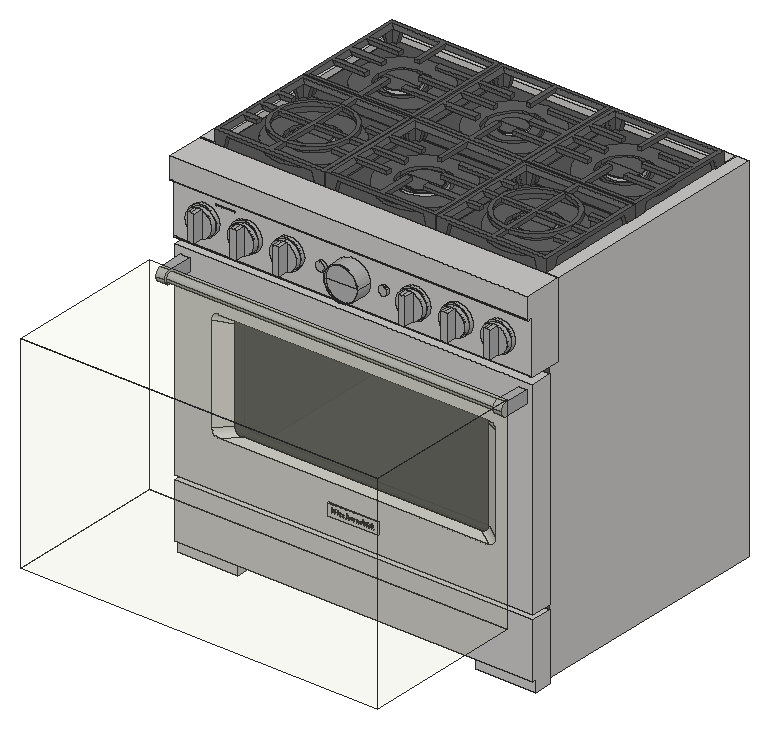
Revit family "P191568KX-127c_KFDC506J", category Specialty Equipment, Revit 2026
Family settings
  Round Connector Dimension = Use Diameter
  Part Type = Normal
  Work Plane-Based = No
  Enable Cutting in Views = No
  Always vertical = Yes
  Cut with Voids When Loaded = No
  Maintain Annotation Orientation = No
  Shared = No
  Room Calculation Point = No
Parameters (values of type "KFDC506JSS")
  Width = 35 7/8"
  Voltage = 0 V
  URL = ""
  Show Clearance [instance] = yes
  Model = "KFDC506JSS"
  Leg Material = ARCAT - Plastic - Black
  Feature 3 = "Two 20,000 BTU Ultra Power™ Dual-Flame Burners\r\nTwo 20,000 BTU Ultra Power™ Dual-Flame Burners"
  Feature 2 = "Even-Heat™ True Convection\r\nEven-Heat™ True Convection"
  Feature 1 = "Dual Fuel Range\r\nDual Fuel Range"
  Family Name = "COOKING"
  Energy Guide = ""
  Door Material = ARCAT - Metal - Steel - Stainless
  Knob Material = ARCAT - Metal - Steel - Gray
  Manufacturer = "KitchenAid"
  Keynote = ""
  Installation-Fabrication = "https://www.whirlpool.com/content/dam/global/documents/201906/installation-instructions-w11114334-reva.pdf\r\nhttps://www.whirlpool.com/content/dam/global/documents/201906/installation-instructions-w11114334-reva.pdf"
  Height = 36"
  Handle Material = ARCAT - Metal - Steel - Gray
  Glass Material = ARCAT - Glass - Tempered - Black
  Drawn By = ""
  Dimension Guide = "https://www.whirlpool.com/content/dam/global/documents/201904/dimension-guide-w11255637a-d-ka.pdf\r\nhttps://www.whirlpool.com/content/dam/global/documents/201904/dimension-guide-w11255637a-d-ka.pdf"
  Description = "KitchenAid® 36'' Smart Commercial-Style Dual Fuel Range with 6 Burners\r\nKitchenAid® 36'' Smart Commercial-Style Dual Fuel Range with 6 Burners"
  Depth = 30 1/4"
  Default Elevation = 0"
  Copyright = ""
  Cooking Grate Material = ARCAT - Metal - Cast Iron 1/4" Plate
  Connector Material = ARCAT - Metal - Cast Iron
  Clearance Material = ARCAT - Clearance
  Body Material = ARCAT - Metal - Steel - Stainless
  Assembly Code = ""
  Amps = 0 A
Reference planes (in)
  plane 1 "Center (Front/Back)": y = 0
  plane 2: z = 0
  plane 3 "Center (Left/Right)": x = 0
  plane 4: x = -17.9375
  plane 5: y = -30.25
  plane 6: y = -23.89844
  plane 7: z = 36
  plane 8: x = 17.9375
Forms (in)
  Extrusion 1, solid, material "ARCAT - Metal - Steel - Stainless" <- "Door Material"
    sketch origin (-8.9375, -1.13664, 47.34375) x (0, 1, 0) y (0, 0, 1)
      loop
        line (-25.96336, -46.21875) -> (-25.63507, -46.21875) -> (-25.63507, -47.34375) -> (-23.86336, -47.34375) -> (-23.86336, -40.71875) -> (-25.96336, -40.71875) -> (-25.96336, -46.21875)
    from -9 to 26.875
  Extrusion 2, solid, material "ARCAT - Metal - Steel - Stainless" <- "Body Material"
    sketch origin (-8.9375, 0, 48) x (0, 1, 0) y (0, 0, 1)
      loop
        line (-0.1, -47.5) -> (-0.1, -12.54906) -> (-23.89844, -12.54906) -> (-23.89844, -19.5) -> (-24.9375, -19.5) -> (-24.9375, -47.5) -> (-0.1, -47.5)
    from -9 to 26.875
  Extrusion 3, void
    sketch origin (-7.6875, -180.1, 28.09375) x (0, 0, 1) y (0, -1, 0)
      loop
        line (-20.65625, -155.1625) -> (-20.65625, -176) -> (-0.59375, -176) -> (-0.59375, -155.1625) -> (-20.65625, -155.1625)
    from -7.75 to 23.46785
  Extrusion 4, solid, material "ARCAT - Clearance" <- "Clearance Material", visible <- "Show Clearance"
    sketch origin (6, -25.6875, 0) x (1, 0, 0) y (0, 1, 0)
      loop
        line (-23.9375, -4.5625) -> (-23.9375, -20.8125) -> (11.9375, -20.8125) -> (11.9375, -4.5625) -> (-23.9375, -4.5625)
    from 7.125 to 27.8125
  Extrusion 5, void
    sketch origin (-8.93772, -3, 0.00144) x (1, 0, 0) y (0, 0, -1)
      loop
        line (20.87522, -4.24856) -> (20.87522, -0.49856) -> (-2.99978, -0.49856) -> (-2.99978, -4.24856) -> (20.87522, -4.24856)
    from -0.1 to -21.9375
  Extrusion 6, void
    sketch origin (-8.93417, -0.1, -15.125) x (0, 0, 1) y (-1, 0, 0)
      loop
        line (30.93027, -25.87167) -> (30.93027, 8.00333) -> (15.625, 8.00333) -> (15.625, -25.87167) -> (30.93027, -25.87167)
    from 0 to 3
  Extrusion 7, solid, material "ARCAT - Metal - Steel - Stainless" <- "Body Material"
    sketch origin (23.9375, 0, 48) x (0, 1, 0) y (0, 0, 1)
      loop
        line (-27.75, -12) -> (-27.75, -14.0875)
        arc (-27.75, -14.0875) -> (-27.72071, -14.15821) -> (-27.65, -14.1875) r 0.1
        line (-27.65, -14.1875) -> (-27.25, -14.1875) -> (-27.25, -19.39844)
        arc (-27.25, -19.39844) -> (-27.22025, -19.47025) -> (-27.14844, -19.5) r 0.10156
        line (-27.14844, -19.5) -> (-23.96094, -19.5) -> (-23.96094, -12) -> (-27.75, -12)
    from -6 to -41.875
  Extrusion 8, void
    sketch origin (-8.9375, -0.1, 35.45094) x (1, 0, 0) y (0, -1, 0)
      loop
        line (13.60312, 1.35) -> (13.60312, 23.82639) -> (-7.65625, 23.82639) -> (-7.65625, 1.35) -> (13.60312, 1.35)
    from 0 to 0.94427
  Revolve 9, solid, material "ARCAT - Metal - Steel - Stainless" <- "Body Material"
    sketch origin (8.03039, 82.57514, 24.74405) x (-1, 0, 0) y (0, -1, 0)
      loop
        line (2.44947, 82.67514) -> (1.94353, 82.67514) -> (1.94353, 82.57514) -> (2.38284, 82.57514)
        arc (2.38284, 82.57514) -> (2.4045, 82.58411) -> (2.41347, 82.60577) r 0.03063
        line (2.41347, 82.60577) -> (2.41347, 82.64028) -> (2.44947, 82.64028) -> (2.44947, 82.67514)
      axis (1.94353, 82.67514) -> (1.94353, 82.57514)
    angle from 0 to 360
  Revolve 10, solid, material "ARCAT - Metal - Steel - Stainless" <- "Body Material"
    sketch origin (-8.15539, 82.57514, 24.74405) x (1, 0, 0) y (0, 1, 0)
      loop
        line (2.44947, -82.67514) -> (2.44947, -82.64028) -> (2.41347, -82.64028) -> (2.41347, -82.60577)
        arc (2.41347, -82.60577) -> (2.4045, -82.58411) -> (2.38284, -82.57514) r 0.03063
        line (2.38284, -82.57514) -> (1.94353, -82.57514) -> (1.94353, -82.67514) -> (2.44947, -82.67514)
      axis (1.94353, -82.67514) -> (1.94353, -82.57514)
    angle from 0 to 360
  Extrusion 11, solid, material "ARCAT - Metal - Steel - Stainless" <- "Body Material"
    sketch origin (15.34715, -1, 2.46746) x (0, 0, 1) y (0, 1, 0)
      loop
        line (-2.13753, -0.1) -> (-2.13753, -2.1) -> (-0.50067, -2.1) -> (-0.50067, -0.1) -> (-2.13753, -0.1)
    from 0 to 5.34715
  Blend 12, solid, material "ARCAT - Metal - Steel - Stainless" <- "Body Material"
    base sketch origin (15.34715, -3.1, 1.96679) x (0, 1, 0) y (-1, 0, 0)
      loop
        line (0.39021, 1.25) -> (0.39021, 0) -> (1.89021, 0) -> (1.89021, 1.25) -> (0.39021, 1.25)
    top sketch origin (15.34715, -3.1, 1.96679) x (0, 1, 0) y (-1, 0, 0)
      loop
        line (0.39021, 1.02565) -> (0.39021, 0.66185) -> (0.78731, 0.66185) -> (0.78731, 1.02565) -> (0.39021, 1.02565)
    from 0 to 1.02318
  Extrusion 13, solid, material "ARCAT - Metal - Steel - Stainless" <- "Body Material"
    sketch origin (11.0034, -2.03972, 3.15205) x (0, -1, 0) y (1, 0, 0)
      loop
        line (0.27297, 3.3181) -> (0.67007, 3.3181) -> (0.67007, 3.6819) -> (0.27297, 3.6819) -> (0.27297, 3.3181)
    from -0.16209 to 1.09795
  Extrusion 14, void
    sketch origin (-8.9375, -26.77171, 0.34375) x (0, 0, -1) y (-1, 0, 0)
      loop
        line (0.34375, 3) -> (-0.78125, 3) -> (-0.78125, -20.875) -> (0.34375, -20.875) -> (0.34375, 3)
    from 0 to 1.77171
  Extrusion 15, solid, material "ARCAT - Metal - Cast Iron" <- "Connector Material"
    sketch origin (-8.80753, -3.27006, 2.70978) x (0, 0, 1) y (0, 1, 0)
      loop
        circle (0.51583, -2.04189) r 0.25
    from 0.0931 to 0.52941
  Extrusion 16, solid, material "ARCAT - Metal - Cast Iron" <- "Connector Material"
    sketch origin (-8.1223, -3.27006, 2.70978) x (0, 0, 1) y (0, 1, 0)
      loop
        line (0.73574, -2.42279) -> (0.95565, -2.04189) -> (0.73574, -1.66099) -> (0.29592, -1.66099) -> (0.076, -2.04189) -> (0.29592, -2.42279) -> (0.73574, -2.42279)
    from 0.59419 to 0.77833
  Extrusion 17, solid, material "ARCAT - Metal - Cast Iron" <- "Connector Material"
    sketch origin (-8.05559, 0.75983, 7.2494) x (0, 0, 1) y (0, 1, 0)
      loop
        line (-2.9994, -5.69274) -> (-5.9158, -4.07615)
        arc (-5.9158, -4.07615) -> (-6.16389, -4.07939) -> (-6.287, -4.2948) r 0.25
        line (-6.287, -4.2948) -> (-6.287, -6.42551) -> (-6.16652, -6.42551) -> (-6.16652, -4.2923)
        arc (-6.16652, -4.2923) -> (-6.10497, -4.18459) -> (-5.98092, -4.18297) r 0.125
        line (-5.98092, -4.18297) -> (-2.9994, -5.83566) -> (-2.9994, -5.69274)
    from 0 to -3
  Extrusion 18, solid, material "ARCAT - Metal - Cast Iron" <- "Connector Material"
    sketch origin (-5.05559, 0.75983, 7.2494) x (0, 0, 1) y (0, -1, 0)
      loop
        line (-5.9158, 4.07615) -> (-5.9158, 3.85983) -> (-2.9994, 3.85983) -> (-2.9994, 5.69274) -> (-5.9158, 4.07615)
    from 0 to -0.125
  Revolve 19, solid, material "ARCAT - Metal - Cast Iron" <- "Connector Material"
    sketch origin (-7.05559, 1.91542, -5.71577) x (0, -0.87462, -0.48481) y (0, -0.48481, 0.87462)
      loop
        line (2.57114, 12.1916) -> (2.57114, 10.96161) -> (3.30779, 10.96161) -> (3.30779, 11.35503) -> (2.86105, 11.35503) -> (2.86105, 11.84508)
        arc (2.86105, 11.84508) -> (2.85065, 11.89738) -> (2.82102, 11.94172) r 0.13667
        line (2.82102, 11.94172) -> (2.57114, 12.1916)
      axis (3.30779, 10.96161) -> (2.57114, 10.96161)
    angle from 0 to 360
  Extrusion 20, solid, material "ARCAT - Metal - Cast Iron" <- "Connector Material"
    sketch origin (-6.55559, -5.64764, 2.62496) x (0, -0.48481, 0.87462) y (1, 0, 0)
      loop
        arc (-0.96077, 1.48077) -> (-1.32847, 1.32847) -> (-1.48077, 0.96077) r 0.51999
        line (-1.48077, 0.96077) -> (-1.48077, -0.96077)
        arc (-1.48077, -0.96077) -> (-1.32847, -1.32847) -> (-0.96077, -1.48077) r 0.51999
        line (-0.96077, -1.48077) -> (0.96077, -1.48077)
        arc (0.96077, -1.48077) -> (1.32847, -1.32847) -> (1.48077, -0.96077) r 0.51999
        line (1.48077, -0.96077) -> (1.48077, 0.96077)
        arc (1.48077, 0.96077) -> (1.32847, 1.32847) -> (0.96077, 1.48077) r 0.51999
        line (0.96077, 1.48077) -> (-0.96077, 1.48077)
    from 0 to 0.125
  Extrusion 21, solid, material "ARCAT - Metal - Cast Iron" <- "Connector Material"
    sketch origin (-5.60607, 87.22302, -163.62542) x (0, -0.87462, -0.48481) y (0, 0.48481, -0.87462)
      loop
        line (0.50172, -189.53956) -> (-0.49828, -189.53956) -> (-0.49828, -191.38366) -> (0.50172, -191.38366) -> (0.50172, -189.53956)
    from -3.11041 to 0.55048
  Extrusion 22, solid, material "ARCAT - Metal - Cast Iron" <- "Connector Material"
    sketch origin (-9.33694, -3.27006, 2.70978) x (0, 0, 1) y (0, 1, 0)
      loop
        line (0.86059, -2.04189) -> (0.68821, -1.74332) -> (0.34344, -1.74332) -> (0.17106, -2.04189) -> (0.34344, -2.34047) -> (0.68821, -2.34047) -> (0.86059, -2.04189)
    from 0 to 0.32836
  Sweep 23, solid, material "ARCAT - Metal - Cast Iron" <- "Connector Material"
    path origin (2.64946, -5.31195, -1.43086) x (1, 0, 0) y (0, 0, 1)
      loop
        line (-12.31476, 4.65647) -> (-12.92216, 4.65647)
        arc (-12.92216, 4.65647) -> (-13.27571, 4.80292) -> (-13.42216, 5.15647) r 0.5
        line (-13.42216, 5.15647) -> (-13.42216, 5.68086)
    profile origin (-9.969, -5.31195, 3.22561) x (0, 0, -1) y (0, -1, 0)
      loop
        circle (0, 0) r 0.15882
  Extrusion 24, solid, material "ARCAT - Metal - Cast Iron" <- "Connector Material"
    sketch origin (-8.07223, -2.92631, 1.87357) x (0, 0, 1) y (0, 1, 0)
      loop
        line (0.66197, -2.29503) -> (0.80812, -2.04189) -> (0.66197, -1.78876) -> (0.36968, -1.78876) -> (0.22353, -2.04189) -> (0.36968, -2.29503) -> (0.66197, -2.29503)
    from 0.64425 to 0.77833
  Extrusion 25, solid, material "ARCAT - Metal - Cast Iron" <- "Connector Material"
    sketch origin (-8.33684, -2.92631, 1.87357) x (0, 0, 1) y (0, 1, 0)
      loop
        circle (0.51583, -2.04189) r 0.20169
    from 0.51372 to 0.56378
  Extrusion 26, solid, material "ARCAT - Metal - Steel - Stainless" <- "Body Material"
    sketch origin (21.07465, -2.9125, 3.49707) x (0, 0, 1) y (1, 0, 0)
      loop
        line (0.75293, -14.38715) -> (0.75293, -9.13715) -> (-0.06213, -9.13715) -> (-0.06213, -14.38715) -> (0.75293, -14.38715)
    from -15.01429 to -1.60804
  Extrusion 27, void
    sketch origin (23.9375, -27.25, 33.41067) x (0, 0, 1) y (1, 0, 0)
      loop
        arc (-0.39651, -35.67817) -> (-0.41116, -35.64281) -> (-0.44651, -35.62817) r 0.05
        line (-0.44651, -35.62817) -> (-0.49651, -35.62817)
        arc (-0.49651, -35.62817) -> (-0.53187, -35.64281) -> (-0.54651, -35.67817) r 0.05
        line (-0.54651, -35.67817) -> (-0.54651, -37.59683)
        arc (-0.54651, -37.59683) -> (-0.53187, -37.63219) -> (-0.49651, -37.64683) r 0.05
        line (-0.49651, -37.64683) -> (-0.44651, -37.64683)
        arc (-0.44651, -37.64683) -> (-0.41116, -37.63219) -> (-0.39651, -37.59683) r 0.05
        line (-0.39651, -37.59683) -> (-0.39651, -35.67817)
    from 0 to 0.0625
  Extrusion 28, solid, material "ARCAT - Plastic - Black" <- "Leg Material"
    sketch origin (13.7422, 0.525, 0.5) x (-1, 0, 0) y (0, 1, 0)
      loop
        circle (27.27345, -22.97823) r 1
    from 0 to 0.30078
  Extrusion 29, solid, material "ARCAT - Plastic - Black" <- "Leg Material"
    sketch origin (13.7422, 18.56573, 0.5) x (-1, 0, 0) y (0, 1, 0)
      loop
        circle (27.27345, -22.97823) r 1
    from 0 to 0.30078
  Extrusion 30, solid, material "ARCAT - Metal - Steel - Stainless" <- "Body Material"
    sketch origin (20.375, 0.0875, -16.125) x (0, 0, 1) y (0, 1, 0)
      loop
        line (31.93027, -3.1875) -> (31.93027, -2.0625) -> (20.375, -2.0625) -> (20.375, -3.1875) -> (31.93027, -3.1875)
    from 3.4375 to 37.3125
  Extrusion 31, solid, material "ARCAT - Metal - Cast Iron 1/4" Plate" <- "Cooking Grate Material"
    sketch origin (-17.73494, -190.60983, 35.05573) x (1, 0, 0) y (0, 1, 0)
      loop
        line (1.08494, 178.00983) -> (12.08494, 178.00983) -> (12.08494, 189.00983) -> (1.08494, 189.00983) -> (1.08494, 178.00983)
    from 0 to 0.45782
  Revolve 32, solid, material "ARCAT - Metal - Steel - Stainless" <- "Body Material"
    sketch origin (4.62825, -6.97379, 0.25) x (-1, 0, 0) y (0, 0, -1)
      loop
        line (19.90965, -1.25218) -> (19.90965, -1.75) -> (20.5659, -1.75) -> (20.5659, -1.25218) -> (20.65374, -1.12674) -> (20.73794, -1.12674) -> (20.73794, -0.95421) -> (20.8037, -0.95421) -> (20.8037, -0.75) -> (19.67186, -0.75) -> (19.67186, -0.95421) -> (19.73762, -0.95421) -> (19.73762, -1.12674) -> (19.82182, -1.12674) -> (19.90965, -1.25218)
      axis (19.67186, -0.75) -> (20.8037, -0.75)
    angle from 0 to 360
  Extrusion 33, void
    sketch origin (19.56447, 12.62913, 0) x (0, 1, 0) y (-1, 0, 0)
      loop
        line (-18.62689, 35.7412) -> (-20.57284, 35.7412) -> (-20.82284, 35.4912) -> (-20.82284, 34.85936) -> (-20.57284, 34.60936) -> (-18.62689, 34.60936) -> (-18.37689, 34.85936) -> (-18.37689, 35.4912) -> (-18.62689, 35.7412)
    from 0.5 to 2.08131
  Revolve 34, solid, material "ARCAT - Metal - Steel - Stainless" <- "Body Material"
    sketch origin (4.62825, -20.03629, 0.25) x (-1, 0, 0) y (0, 0, -1)
      loop
        line (19.90965, -1.25218) -> (19.90965, -1.75) -> (20.5659, -1.75) -> (20.5659, -1.25218) -> (20.65374, -1.12674) -> (20.73794, -1.12674) -> (20.73794, -0.95421) -> (20.8037, -0.95421) -> (20.8037, -0.75) -> (19.67186, -0.75) -> (19.67186, -0.95421) -> (19.73762, -0.95421) -> (19.73762, -1.12674) -> (19.82182, -1.12674) -> (19.90965, -1.25218)
      axis (19.67186, -0.75) -> (20.8037, -0.75)
    angle from 0 to 360
  Extrusion 35, void
    sketch origin (19.56447, -0.43337, 0) x (0, 1, 0) y (-1, 0, 0)
      loop
        line (-18.62689, 35.7412) -> (-20.57284, 35.7412) -> (-20.82284, 35.4912) -> (-20.82284, 34.85936) -> (-20.57284, 34.60936) -> (-18.62689, 34.60936) -> (-18.37689, 34.85936) -> (-18.37689, 35.4912) -> (-18.62689, 35.7412)
    from 0.5 to 2.08131
  Extrusion 36, solid, material "ARCAT - Plastic - Black" <- "Leg Material"
    sketch origin (-12.07032, 0.525, 0.5) x (-1, 0, 0) y (0, 1, 0)
      loop
        circle (-27.27345, -22.97823) r 1
    from 0 to 0.30078
  Extrusion 37, solid, material "ARCAT - Plastic - Black" <- "Leg Material"
    sketch origin (-12.07032, 18.56573, 0.5) x (-1, 0, 0) y (0, 1, 0)
      loop
        circle (-27.27345, -22.97823) r 1
    from 0 to 0.30078
  Revolve 38, solid, material "ARCAT - Metal - Steel - Stainless" <- "Body Material"
    sketch origin (-7.06575, -6.97379, 0.25) x (1, 0, 0) y (0, 0, 1)
      loop
        line (19.90965, 1.25218) -> (19.82182, 1.12674) -> (19.73762, 1.12674) -> (19.73762, 0.95421) -> (19.67186, 0.95421) -> (19.67186, 0.75) -> (20.8037, 0.75) -> (20.8037, 0.95421) -> (20.73794, 0.95421) -> (20.73794, 1.12674) -> (20.65374, 1.12674) -> (20.5659, 1.25218) -> (20.5659, 1.75) -> (19.90965, 1.75) -> (19.90965, 1.25218)
      axis (19.67186, 0.75) -> (20.8037, 0.75)
    angle from 0 to 360
  Extrusion 39, void
    sketch origin (-22.00197, 12.62913, 0) x (0, 1, 0) y (-1, 0, 0)
      loop
        line (-18.62689, -35.7412) -> (-18.37689, -35.4912) -> (-18.37689, -34.85936) -> (-18.62689, -34.60936) -> (-20.57284, -34.60936) -> (-20.82284, -34.85936) -> (-20.82284, -35.4912) -> (-20.57284, -35.7412) -> (-18.62689, -35.7412)
    from 0.5 to 2.08131
  Revolve 40, solid, material "ARCAT - Metal - Steel - Stainless" <- "Body Material"
    sketch origin (-7.06575, -20.03629, 0.25) x (1, 0, 0) y (0, 0, 1)
      loop
        line (19.90965, 1.25218) -> (19.82182, 1.12674) -> (19.73762, 1.12674) -> (19.73762, 0.95421) -> (19.67186, 0.95421) -> (19.67186, 0.75) -> (20.8037, 0.75) -> (20.8037, 0.95421) -> (20.73794, 0.95421) -> (20.73794, 1.12674) -> (20.65374, 1.12674) -> (20.5659, 1.25218) -> (20.5659, 1.75) -> (19.90965, 1.75) -> (19.90965, 1.25218)
      axis (19.67186, 0.75) -> (20.8037, 0.75)
    angle from 0 to 360
  Extrusion 41, void
    sketch origin (-22.00197, -0.43337, 0) x (0, 1, 0) y (-1, 0, 0)
      loop
        line (-18.62689, -35.7412) -> (-18.37689, -35.4912) -> (-18.37689, -34.85936) -> (-18.62689, -34.60936) -> (-20.57284, -34.60936) -> (-20.82284, -34.85936) -> (-20.82284, -35.4912) -> (-20.57284, -35.7412) -> (-18.62689, -35.7412)
    from 0.5 to 2.08131
  Extrusion 42, solid, material "ARCAT - Metal - Steel - Stainless" <- "Door Material"
    sketch origin (-11.8125, 0.36336, 48.4375) x (0, 1, 0) y (0, 0, 1)
      loop
        line (-27.46336, -41.3125) -> (-25.36336, -41.3125) -> (-25.36336, -20.625) -> (-27.46336, -20.625) -> (-27.46336, -41.3125)
    from -6.125 to 29.75
  Extrusion 43, solid, material "ARCAT - Metal - Steel - Stainless" <- "Body Material"
    sketch origin (-0.32635, -0.1, 25.32424) x (0, 0, -1) y (-1, 0, 0)
      loop
        circle (-10.42166, -15.78639) r 0.1
      loop
        circle (-9.84785, -17.76062) r 0.1
      loop
        circle (20.71465, -17.76062) r 0.1
      loop
        circle (23.77715, -17.76062) r 0.1
      loop
        circle (8.65215, -0.32635) r 0.1
      loop
        circle (0.65215, -12.85768) r 0.1
      loop
        circle (-10.42166, -6.0451) r 0.1
      loop
        circle (-10.42166, 15.00868) r 0.1
      loop
        circle (-9.84785, 17.10791) r 0.1
      loop
        circle (23.77715, 17.10791) r 0.1
      loop
        circle (0.65215, -0.32635) r 0.1
      loop
        circle (0.65215, 17.10791) r 0.1
      loop
        circle (0.65215, 11.98291) r 0.1
      loop
        circle (8.65215, 17.10791) r 0.1
      loop
        circle (8.65215, 14.67041) r 0.1
      loop
        circle (8.44389, 7.0593) r 0.1
      loop
        circle (0.65215, -17.82312) r 0.1
      loop
        circle (-10.42166, 5.43105) r 0.1
      loop
        circle (8.44389, -7.71201) r 0.1
      loop
        circle (8.65215, -17.76062) r 0.1
      loop
        circle (8.65215, -15.32312) r 0.1
      loop
        circle (20.71465, 17.10791) r 0.1
    from 0 to 0.03125
  Extrusion 44, solid, material "ARCAT - Metal - Steel - Stainless" <- "Body Material"
    sketch origin (-2.07303, -1.975, 6.03813) x (0, 0, -1) y (-1, 0, 0)
      loop
        circle (1.42941, -14.32831) r 0.1
      loop
        circle (1.42941, 4.49981) r 0.1
      loop
        circle (1.42941, -7.78144) r 0.1
      loop
        circle (-9.35184, 12.57288) r 0.1
      loop
        circle (-9.35184, -16.71894) r 0.1
      loop
        circle (1.42941, 14.24981) r 0.1
      loop
        circle (1.42941, 12.31231) r 0.1
    from 0 to 0.03125
  Extrusion 45, solid, material "ARCAT - Metal - Cast Iron 1/4" Plate" <- "Cooking Grate Material"
    sketch origin (-6.58494, -190.60983, 35.05573) x (1, 0, 0) y (0, 1, 0)
      loop
        line (1.08494, 178.00983) -> (12.08494, 178.00983) -> (12.08494, 189.00983) -> (1.08494, 189.00983) -> (1.08494, 178.00983)
    from 0 to 0.45782
  Extrusion 46, solid, material "ARCAT - Metal - Cast Iron 1/4" Plate" <- "Cooking Grate Material"
    sketch origin (4.56506, -190.60983, 35.05573) x (1, 0, 0) y (0, 1, 0)
      loop
        line (1.08494, 178.00983) -> (12.08494, 178.00983) -> (12.08494, 189.00983) -> (1.08494, 189.00983) -> (1.08494, 178.00983)
    from 0 to 0.45782
  Extrusion 47, solid, material "ARCAT - Metal - Cast Iron 1/4" Plate" <- "Cooking Grate Material"
    sketch origin (-17.73494, -201.75983, 35.05573) x (1, 0, 0) y (0, 1, 0)
      loop
        line (1.08494, 178.00983) -> (12.08494, 178.00983) -> (12.08494, 189.00983) -> (1.08494, 189.00983) -> (1.08494, 178.00983)
    from 0 to 0.45782
  Extrusion 48, solid, material "ARCAT - Metal - Cast Iron 1/4" Plate" <- "Cooking Grate Material"
    sketch origin (-6.58494, -201.75983, 35.05573) x (1, 0, 0) y (0, 1, 0)
      loop
        line (1.08494, 178.00983) -> (12.08494, 178.00983) -> (12.08494, 189.00983) -> (1.08494, 189.00983) -> (1.08494, 178.00983)
    from 0 to 0.45782
  Extrusion 49, solid, material "ARCAT - Metal - Cast Iron 1/4" Plate" <- "Cooking Grate Material"
    sketch origin (4.56506, -201.75983, 35.05573) x (1, 0, 0) y (0, 1, 0)
      loop
        line (1.08494, 178.00983) -> (12.08494, 178.00983) -> (12.08494, 189.00983) -> (1.08494, 189.00983) -> (1.08494, 178.00983)
    from 0 to 0.45782
  Sweep 50, solid, material "ARCAT - Metal - Cast Iron 1/4" Plate" <- "Cooking Grate Material"
    path origin (5.5375, -100.18824, 37.1875) x (0, -1, 0) y (1, 0, 0)
      loop
        line (-98.58824, -11.1875) -> (-98.58824, -22.1875) -> (-87.58824, -22.1875) -> (-87.58824, -11.1875) -> (-98.58824, -11.1875)
    profile origin (-11.15, -1.6, 37.1875) x (0, -1, 0) y (0, 0, 1)
      loop
        line (0, 0) -> (0, -0.35) -> (0.59507, -0.35) -> (0.35, 0) -> (0, 0)
  Extrusion 51, solid, material "ARCAT - Metal - Cast Iron 1/4" Plate" <- "Cooking Grate Material"
    sketch origin (-16.65, -1.6, 36.8375) x (1, 0, 0) y (0, 0, -1)
      loop
        line (0, 0) -> (1.22441, 0) -> (0.86965, 1.32396) -> (0, 1.32396) -> (0, 0)
    from 0 to -0.35156
  Extrusion 52, solid, material "ARCAT - Metal - Cast Iron 1/4" Plate" <- "Cooking Grate Material"
    sketch origin (-16.29844, -1.6, 36.8375) x (0, -1, 0) y (0, 0, -1)
      loop
        line (0, 0) -> (1.22441, 0) -> (0.86965, 1.32396) -> (0, 1.32396) -> (0, 0)
    from 0 to -0.35156
  Extrusion 53, solid, material "ARCAT - Metal - Cast Iron 1/4" Plate" <- "Cooking Grate Material"
    sketch origin (-16.65, -12.6, 36.8375) x (1, 0, 0) y (0, 0, 1)
      loop
        line (0, 0) -> (0, -1.32396) -> (0.86965, -1.32396) -> (1.22441, 0) -> (0, 0)
    from 0 to -0.35156
  Extrusion 54, solid, material "ARCAT - Metal - Cast Iron 1/4" Plate" <- "Cooking Grate Material"
    sketch origin (-16.29844, -12.6, 36.8375) x (0, 1, 0) y (0, 0, 1)
      loop
        line (0, 0) -> (0, -1.32396) -> (0.86965, -1.32396) -> (1.22441, 0) -> (0, 0)
    from 0 to -0.35156
  Extrusion 55, solid, material "ARCAT - Metal - Cast Iron 1/4" Plate" <- "Cooking Grate Material"
    sketch origin (-5.65, -1.6, 36.8375) x (-1, 0, 0) y (0, 0, 1)
      loop
        line (0, 0) -> (0, -1.32396) -> (0.86965, -1.32396) -> (1.22441, 0) -> (0, 0)
    from 0 to -0.35156
  Extrusion 56, solid, material "ARCAT - Metal - Cast Iron 1/4" Plate" <- "Cooking Grate Material"
    sketch origin (-6.00156, -1.6, 36.8375) x (0, -1, 0) y (0, 0, 1)
      loop
        line (0, 0) -> (0, -1.32396) -> (0.86965, -1.32396) -> (1.22441, 0) -> (0, 0)
    from 0 to -0.35156
  Extrusion 57, solid, material "ARCAT - Metal - Cast Iron 1/4" Plate" <- "Cooking Grate Material"
    sketch origin (-5.65, -12.6, 36.8375) x (-1, 0, 0) y (0, 0, -1)
      loop
        line (0, 0) -> (1.22441, 0) -> (0.86965, 1.32396) -> (0, 1.32396) -> (0, 0)
    from 0 to -0.35156
  Extrusion 58, solid, material "ARCAT - Metal - Cast Iron 1/4" Plate" <- "Cooking Grate Material"
    sketch origin (-6.00156, -12.6, 36.8375) x (0, 1, 0) y (0, 0, -1)
      loop
        line (0, 0) -> (1.22441, 0) -> (0.86965, 1.32396) -> (0, 1.32396) -> (0, 0)
    from 0 to -0.35156
  Extrusion 59, solid, material "ARCAT - Metal - Cast Iron 1/4" Plate" <- "Cooking Grate Material"
    sketch origin (5.5375, -100.45773, 37.1875) x (0, -1, 0) y (1, 0, 0)
      loop
        line (-93.58273, -21.8375) -> (-93.13273, -21.8375) -> (-93.13273, -18.5375) -> (-93.58273, -18.5375) -> (-93.58273, -21.8375)
    from 0 to -0.35156
  Extrusion 60, solid, material "ARCAT - Metal - Cast Iron 1/4" Plate" <- "Cooking Grate Material"
    sketch origin (5.5375, -102.60773, 37.1875) x (0, -1, 0) y (1, 0, 0)
      loop
        line (-93.58273, -21.8375) -> (-93.13273, -21.8375) -> (-93.13273, -18.5375) -> (-93.58273, -18.5375) -> (-93.58273, -21.8375)
    from 0 to -0.35156
  Extrusion 61, solid, material "ARCAT - Metal - Cast Iron 1/4" Plate" <- "Cooking Grate Material"
    sketch origin (5.5375, 88.40773, 37.1875) x (0, 1, 0) y (-1, 0, 0)
      loop
        line (-93.58273, 21.8375) -> (-93.58273, 18.5375) -> (-93.13273, 18.5375) -> (-93.13273, 21.8375) -> (-93.58273, 21.8375)
    from 0 to -0.35156
  Extrusion 62, solid, material "ARCAT - Metal - Cast Iron 1/4" Plate" <- "Cooking Grate Material"
    sketch origin (82.20773, -23.7875, 37.1875) x (1, 0, 0) y (0, 1, 0)
      loop
        line (-93.58273, 21.8375) -> (-93.58273, 18.5875) -> (-93.13273, 18.5875) -> (-93.13273, 21.8375) -> (-93.58273, 21.8375)
    from 0 to -0.35156
  Extrusion 63, solid, material "ARCAT - Metal - Cast Iron 1/4" Plate" <- "Cooking Grate Material"
    sketch origin (-16.92869, -190.44612, 35.05573) x (1, 0, 0) y (0, 1, 0)
      loop
        circle (5.77869, 183.34612) r 4.25
      loop
        circle (5.77869, 183.34612) r 2.43681
    from 0.45782 to 0.78856
  Extrusion 64, solid, material "ARCAT - Metal - Cast Iron 1/4" Plate" <- "Cooking Grate Material"
    sketch origin (-16.92869, 93.64168, 35.05573) x (1, 0, 0) y (0, 1, 0)
      loop
        circle (5.77869, -100.74168) r 1.70313
      loop
        circle (5.77869, -100.74168) r 2
    from 0.45782 to 0.78856
  Revolve 65, solid, material "ARCAT - Metal - Cast Iron 1/4" Plate" <- "Cooking Grate Material"
    sketch origin (-23.98016, -7.1, 51.46709) x (-1, 0, 0) y (0, 0, 1)
      loop
        line (-12.83016, -15.95355) -> (-11.12703, -15.95355) -> (-11.12703, -15.37878) -> (-11.18761, -15.3182) -> (-12.83016, -15.3182) -> (-12.83016, -15.95355)
      axis (-12.83016, -15.95355) -> (-12.83016, -15.3182)
    angle from 0 to 360
  Extrusion 66, solid, material "ARCAT - Metal - Cast Iron 1/4" Plate" <- "Cooking Grate Material"
    sketch origin (-27.8375, -100.45773, 37.1875) x (0, -1, 0) y (1, 0, 0)
      loop
        line (-93.58273, 21.8375) -> (-93.58273, 18.5375) -> (-93.13273, 18.5375) -> (-93.13273, 21.8375) -> (-93.58273, 21.8375)
    from 0 to -0.35156
  Extrusion 67, solid, material "ARCAT - Metal - Cast Iron 1/4" Plate" <- "Cooking Grate Material"
    sketch origin (-27.8375, -102.60773, 37.1875) x (0, -1, 0) y (1, 0, 0)
      loop
        line (-93.58273, 21.8375) -> (-93.58273, 18.5375) -> (-93.13273, 18.5375) -> (-93.13273, 21.8375) -> (-93.58273, 21.8375)
    from 0 to -0.35156
  Extrusion 68, solid, material "ARCAT - Metal - Cast Iron 1/4" Plate" <- "Cooking Grate Material"
    sketch origin (-27.8375, 88.40773, 37.1875) x (0, 1, 0) y (-1, 0, 0)
      loop
        line (-93.58273, -21.8375) -> (-93.13273, -21.8375) -> (-93.13273, -18.5375) -> (-93.58273, -18.5375) -> (-93.58273, -21.8375)
    from 0 to -0.35156
  Extrusion 69, solid, material "ARCAT - Metal - Cast Iron 1/4" Plate" <- "Cooking Grate Material"
    sketch origin (82.20773, 9.5875, 37.1875) x (1, 0, 0) y (0, 1, 0)
      loop
        line (-93.58273, -21.8375) -> (-93.13273, -21.8375) -> (-93.13273, -18.5875) -> (-93.58273, -18.5875) -> (-93.58273, -21.8375)
    from 0 to -0.35156
  Sweep 70, solid, material "ARCAT - Metal - Cast Iron 1/4" Plate" <- "Cooking Grate Material"
    path origin (27.8375, -100.18824, 37.1875) x (0, -1, 0) y (1, 0, 0)
      loop
        line (-98.58824, -11.1875) -> (-98.58824, -22.1875) -> (-87.58824, -22.1875) -> (-87.58824, -11.1875) -> (-98.58824, -11.1875)
    profile origin (11.15, -1.6, 37.1875) x (0, -1, 0) y (0, 0, 1)
      loop
        line (0, 0) -> (0, -0.35) -> (0.59507, -0.35) -> (0.35, 0) -> (0, 0)
  Extrusion 71, solid, material "ARCAT - Metal - Cast Iron 1/4" Plate" <- "Cooking Grate Material"
    sketch origin (5.65, -1.6, 36.8375) x (1, 0, 0) y (0, 0, -1)
      loop
        line (0, 0) -> (1.22441, 0) -> (0.86965, 1.32396) -> (0, 1.32396) -> (0, 0)
    from 0 to -0.35156
  Extrusion 72, solid, material "ARCAT - Metal - Cast Iron 1/4" Plate" <- "Cooking Grate Material"
    sketch origin (6.00156, -1.6, 36.8375) x (0, -1, 0) y (0, 0, -1)
      loop
        line (0, 0) -> (1.22441, 0) -> (0.86965, 1.32396) -> (0, 1.32396) -> (0, 0)
    from 0 to -0.35156
  Extrusion 73, solid, material "ARCAT - Metal - Cast Iron 1/4" Plate" <- "Cooking Grate Material"
    sketch origin (5.65, -12.6, 36.8375) x (1, 0, 0) y (0, 0, 1)
      loop
        line (0, 0) -> (0, -1.32396) -> (0.86965, -1.32396) -> (1.22441, 0) -> (0, 0)
    from 0 to -0.35156
  Extrusion 74, solid, material "ARCAT - Metal - Cast Iron 1/4" Plate" <- "Cooking Grate Material"
    sketch origin (6.00156, -12.6, 36.8375) x (0, 1, 0) y (0, 0, 1)
      loop
        line (0, 0) -> (0, -1.32396) -> (0.86965, -1.32396) -> (1.22441, 0) -> (0, 0)
    from 0 to -0.35156
  Extrusion 75, solid, material "ARCAT - Metal - Cast Iron 1/4" Plate" <- "Cooking Grate Material"
    sketch origin (16.65, -1.6, 36.8375) x (-1, 0, 0) y (0, 0, 1)
      loop
        line (0, 0) -> (0, -1.32396) -> (0.86965, -1.32396) -> (1.22441, 0) -> (0, 0)
    from 0 to -0.35156
  Extrusion 76, solid, material "ARCAT - Metal - Cast Iron 1/4" Plate" <- "Cooking Grate Material"
    sketch origin (16.29844, -1.6, 36.8375) x (0, -1, 0) y (0, 0, 1)
      loop
        line (0, 0) -> (0, -1.32396) -> (0.86965, -1.32396) -> (1.22441, 0) -> (0, 0)
    from 0 to -0.35156
  Extrusion 77, solid, material "ARCAT - Metal - Cast Iron 1/4" Plate" <- "Cooking Grate Material"
    sketch origin (16.65, -12.6, 36.8375) x (-1, 0, 0) y (0, 0, -1)
      loop
        line (0, 0) -> (1.22441, 0) -> (0.86965, 1.32396) -> (0, 1.32396) -> (0, 0)
    from 0 to -0.35156
  Extrusion 78, solid, material "ARCAT - Metal - Cast Iron 1/4" Plate" <- "Cooking Grate Material"
    sketch origin (16.29844, -12.6, 36.8375) x (0, 1, 0) y (0, 0, -1)
      loop
        line (0, 0) -> (1.22441, 0) -> (0.86965, 1.32396) -> (0, 1.32396) -> (0, 0)
    from 0 to -0.35156
  Extrusion 79, solid, material "ARCAT - Metal - Cast Iron 1/4" Plate" <- "Cooking Grate Material"
    sketch origin (27.8375, -100.45773, 37.1875) x (0, -1, 0) y (1, 0, 0)
      loop
        line (-93.58273, -21.8375) -> (-93.13273, -21.8375) -> (-93.13273, -18.5375) -> (-93.58273, -18.5375) -> (-93.58273, -21.8375)
    from 0 to -0.35156
  Extrusion 80, solid, material "ARCAT - Metal - Cast Iron 1/4" Plate" <- "Cooking Grate Material"
    sketch origin (27.8375, -102.60773, 37.1875) x (0, -1, 0) y (1, 0, 0)
      loop
        line (-93.58273, -21.8375) -> (-93.13273, -21.8375) -> (-93.13273, -18.5375) -> (-93.58273, -18.5375) -> (-93.58273, -21.8375)
    from 0 to -0.35156
  Extrusion 81, solid, material "ARCAT - Metal - Cast Iron 1/4" Plate" <- "Cooking Grate Material"
    sketch origin (27.8375, 88.40773, 37.1875) x (0, 1, 0) y (-1, 0, 0)
      loop
        line (-93.58273, 21.8375) -> (-93.58273, 18.5375) -> (-93.13273, 18.5375) -> (-93.13273, 21.8375) -> (-93.58273, 21.8375)
    from 0 to -0.35156
  Extrusion 82, solid, material "ARCAT - Metal - Cast Iron 1/4" Plate" <- "Cooking Grate Material"
    sketch origin (104.50773, -23.7875, 37.1875) x (1, 0, 0) y (0, 1, 0)
      loop
        line (-93.58273, 21.8375) -> (-93.58273, 18.5875) -> (-93.13273, 18.5875) -> (-93.13273, 21.8375) -> (-93.58273, 21.8375)
    from 0 to -0.35156
  Extrusion 83, solid, material "ARCAT - Metal - Cast Iron 1/4" Plate" <- "Cooking Grate Material"
    sketch origin (5.37131, -190.44612, 35.05573) x (1, 0, 0) y (0, 1, 0)
      loop
        circle (5.77869, 183.34612) r 4.25
      loop
        circle (5.77869, 183.34612) r 2.43681
    from 0.45782 to 0.78856
  Extrusion 84, solid, material "ARCAT - Metal - Cast Iron 1/4" Plate" <- "Cooking Grate Material"
    sketch origin (5.37131, 93.64168, 35.05573) x (1, 0, 0) y (0, 1, 0)
      loop
        circle (5.77869, -100.74168) r 1.70313
      loop
        circle (5.77869, -100.74168) r 2
    from 0.45782 to 0.78856
  Revolve 85, solid, material "ARCAT - Metal - Cast Iron 1/4" Plate" <- "Cooking Grate Material"
    sketch origin (-1.68016, -7.1, 51.46709) x (-1, 0, 0) y (0, 0, 1)
      loop
        line (-12.83016, -15.95355) -> (-11.12703, -15.95355) -> (-11.12703, -15.37878) -> (-11.18761, -15.3182) -> (-12.83016, -15.3182) -> (-12.83016, -15.95355)
      axis (-12.83016, -15.95355) -> (-12.83016, -15.3182)
    angle from 0 to 360
  Extrusion 86, solid, material "ARCAT - Metal - Cast Iron 1/4" Plate" <- "Cooking Grate Material"
    sketch origin (-5.5375, -100.45773, 37.1875) x (0, -1, 0) y (1, 0, 0)
      loop
        line (-93.58273, 21.8375) -> (-93.58273, 18.5375) -> (-93.13273, 18.5375) -> (-93.13273, 21.8375) -> (-93.58273, 21.8375)
    from 0 to -0.35156
  Extrusion 87, solid, material "ARCAT - Metal - Cast Iron 1/4" Plate" <- "Cooking Grate Material"
    sketch origin (-5.5375, -102.60773, 37.1875) x (0, -1, 0) y (1, 0, 0)
      loop
        line (-93.58273, 21.8375) -> (-93.58273, 18.5375) -> (-93.13273, 18.5375) -> (-93.13273, 21.8375) -> (-93.58273, 21.8375)
    from 0 to -0.35156
  Extrusion 88, solid, material "ARCAT - Metal - Cast Iron 1/4" Plate" <- "Cooking Grate Material"
    sketch origin (-5.5375, 88.40773, 37.1875) x (0, 1, 0) y (-1, 0, 0)
      loop
        line (-93.58273, -21.8375) -> (-93.13273, -21.8375) -> (-93.13273, -18.5375) -> (-93.58273, -18.5375) -> (-93.58273, -21.8375)
    from 0 to -0.35156
  Extrusion 89, solid, material "ARCAT - Metal - Cast Iron 1/4" Plate" <- "Cooking Grate Material"
    sketch origin (104.50773, 9.5875, 37.1875) x (1, 0, 0) y (0, 1, 0)
      loop
        line (-93.58273, -21.8375) -> (-93.13273, -21.8375) -> (-93.13273, -18.5875) -> (-93.58273, -18.5875) -> (-93.58273, -21.8375)
    from 0 to -0.35156
  Sweep 90, solid, material "ARCAT - Metal - Cast Iron 1/4" Plate" <- "Cooking Grate Material"
    path origin (16.6875, -111.33824, 37.1875) x (0, -1, 0) y (1, 0, 0)
      loop
        line (-98.58824, -11.1875) -> (-98.58824, -22.1875) -> (-87.58824, -22.1875) -> (-87.58824, -11.1875) -> (-98.58824, -11.1875)
    profile origin (0, -12.75, 37.1875) x (0, -1, 0) y (0, 0, 1)
      loop
        line (0, 0) -> (0, -0.35) -> (0.59507, -0.35) -> (0.35, 0) -> (0, 0)
  Extrusion 91, solid, material "ARCAT - Metal - Cast Iron 1/4" Plate" <- "Cooking Grate Material"
    sketch origin (-5.5, -12.75, 36.8375) x (1, 0, 0) y (0, 0, -1)
      loop
        line (0, 0) -> (1.22441, 0) -> (0.86965, 1.32396) -> (0, 1.32396) -> (0, 0)
    from 0 to -0.35156
  Extrusion 92, solid, material "ARCAT - Metal - Cast Iron 1/4" Plate" <- "Cooking Grate Material"
    sketch origin (-5.14844, -12.75, 36.8375) x (0, -1, 0) y (0, 0, -1)
      loop
        line (0, 0) -> (1.22441, 0) -> (0.86965, 1.32396) -> (0, 1.32396) -> (0, 0)
    from 0 to -0.35156
  Extrusion 93, solid, material "ARCAT - Metal - Cast Iron 1/4" Plate" <- "Cooking Grate Material"
    sketch origin (-5.5, -23.75, 36.8375) x (1, 0, 0) y (0, 0, 1)
      loop
        line (0, 0) -> (0, -1.32396) -> (0.86965, -1.32396) -> (1.22441, 0) -> (0, 0)
    from 0 to -0.35156
  Extrusion 94, solid, material "ARCAT - Metal - Cast Iron 1/4" Plate" <- "Cooking Grate Material"
    sketch origin (-5.14844, -23.75, 36.8375) x (0, 1, 0) y (0, 0, 1)
      loop
        line (0, 0) -> (0, -1.32396) -> (0.86965, -1.32396) -> (1.22441, 0) -> (0, 0)
    from 0 to -0.35156
  Extrusion 95, solid, material "ARCAT - Metal - Cast Iron 1/4" Plate" <- "Cooking Grate Material"
    sketch origin (5.5, -12.75, 36.8375) x (-1, 0, 0) y (0, 0, 1)
      loop
        line (0, 0) -> (0, -1.32396) -> (0.86965, -1.32396) -> (1.22441, 0) -> (0, 0)
    from 0 to -0.35156
  Extrusion 96, solid, material "ARCAT - Metal - Cast Iron 1/4" Plate" <- "Cooking Grate Material"
    sketch origin (5.14844, -12.75, 36.8375) x (0, -1, 0) y (0, 0, 1)
      loop
        line (0, 0) -> (0, -1.32396) -> (0.86965, -1.32396) -> (1.22441, 0) -> (0, 0)
    from 0 to -0.35156
  Extrusion 97, solid, material "ARCAT - Metal - Cast Iron 1/4" Plate" <- "Cooking Grate Material"
    sketch origin (5.5, -23.75, 36.8375) x (-1, 0, 0) y (0, 0, -1)
      loop
        line (0, 0) -> (1.22441, 0) -> (0.86965, 1.32396) -> (0, 1.32396) -> (0, 0)
    from 0 to -0.35156
  Extrusion 98, solid, material "ARCAT - Metal - Cast Iron 1/4" Plate" <- "Cooking Grate Material"
    sketch origin (5.14844, -23.75, 36.8375) x (0, 1, 0) y (0, 0, -1)
      loop
        line (0, 0) -> (1.22441, 0) -> (0.86965, 1.32396) -> (0, 1.32396) -> (0, 0)
    from 0 to -0.35156
  Extrusion 99, solid, material "ARCAT - Metal - Cast Iron 1/4" Plate" <- "Cooking Grate Material"
    sketch origin (16.6875, -111.60773, 37.1875) x (0, -1, 0) y (1, 0, 0)
      loop
        line (-93.58273, -21.8375) -> (-93.13273, -21.8375) -> (-93.13273, -18.5375) -> (-93.58273, -18.5375) -> (-93.58273, -21.8375)
    from 0 to -0.35156
  Extrusion 100, solid, material "ARCAT - Metal - Cast Iron 1/4" Plate" <- "Cooking Grate Material"
    sketch origin (16.6875, -113.75773, 37.1875) x (0, -1, 0) y (1, 0, 0)
      loop
        line (-93.58273, -21.8375) -> (-93.13273, -21.8375) -> (-93.13273, -18.5375) -> (-93.58273, -18.5375) -> (-93.58273, -21.8375)
    from 0 to -0.35156
  Extrusion 101, solid, material "ARCAT - Metal - Cast Iron 1/4" Plate" <- "Cooking Grate Material"
    sketch origin (16.6875, 77.25773, 37.1875) x (0, 1, 0) y (-1, 0, 0)
      loop
        line (-93.58273, 21.8375) -> (-93.58273, 18.5375) -> (-93.13273, 18.5375) -> (-93.13273, 21.8375) -> (-93.58273, 21.8375)
    from 0 to -0.35156
  Extrusion 102, solid, material "ARCAT - Metal - Cast Iron 1/4" Plate" <- "Cooking Grate Material"
    sketch origin (93.35773, -34.9375, 37.1875) x (1, 0, 0) y (0, 1, 0)
      loop
        line (-93.58273, 21.8375) -> (-93.58273, 18.5875) -> (-93.13273, 18.5875) -> (-93.13273, 21.8375) -> (-93.58273, 21.8375)
    from 0 to -0.35156
  Extrusion 103, solid, material "ARCAT - Metal - Cast Iron 1/4" Plate" <- "Cooking Grate Material"
    sketch origin (-5.77869, -201.59612, 35.05573) x (1, 0, 0) y (0, 1, 0)
      loop
        circle (5.77869, 183.34612) r 4.25
      loop
        circle (5.77869, 183.34612) r 2.43681
    from 0.45782 to 0.78856
  Extrusion 104, solid, material "ARCAT - Metal - Cast Iron 1/4" Plate" <- "Cooking Grate Material"
    sketch origin (-5.77869, 82.49168, 35.05573) x (1, 0, 0) y (0, 1, 0)
      loop
        circle (5.77869, -100.74168) r 1.70313
      loop
        circle (5.77869, -100.74168) r 2
    from 0.45782 to 0.78856
  Revolve 105, solid, material "ARCAT - Metal - Cast Iron 1/4" Plate" <- "Cooking Grate Material"
    sketch origin (-12.83016, -18.25, 51.46709) x (-1, 0, 0) y (0, 0, 1)
      loop
        line (-12.83016, -15.95355) -> (-11.12703, -15.95355) -> (-11.12703, -15.52878) -> (-11.18761, -15.4682) -> (-12.83016, -15.4682) -> (-12.83016, -15.95355)
      axis (-12.83016, -15.95355) -> (-12.83016, -15.4682)
    angle from 0 to 360
  Extrusion 106, solid, material "ARCAT - Metal - Cast Iron 1/4" Plate" <- "Cooking Grate Material"
    sketch origin (-16.6875, -111.60773, 37.1875) x (0, -1, 0) y (1, 0, 0)
      loop
        line (-93.58273, 21.8375) -> (-93.58273, 18.5375) -> (-93.13273, 18.5375) -> (-93.13273, 21.8375) -> (-93.58273, 21.8375)
    from 0 to -0.35156
  Extrusion 107, solid, material "ARCAT - Metal - Cast Iron 1/4" Plate" <- "Cooking Grate Material"
    sketch origin (-16.6875, -113.75773, 37.1875) x (0, -1, 0) y (1, 0, 0)
      loop
        line (-93.58273, 21.8375) -> (-93.58273, 18.5375) -> (-93.13273, 18.5375) -> (-93.13273, 21.8375) -> (-93.58273, 21.8375)
    from 0 to -0.35156
  Extrusion 108, solid, material "ARCAT - Metal - Cast Iron 1/4" Plate" <- "Cooking Grate Material"
    sketch origin (-16.6875, 77.25773, 37.1875) x (0, 1, 0) y (-1, 0, 0)
      loop
        line (-93.58273, -21.8375) -> (-93.13273, -21.8375) -> (-93.13273, -18.5375) -> (-93.58273, -18.5375) -> (-93.58273, -21.8375)
    from 0 to -0.35156
  Extrusion 109, solid, material "ARCAT - Metal - Cast Iron 1/4" Plate" <- "Cooking Grate Material"
    sketch origin (93.35773, -1.5625, 37.1875) x (1, 0, 0) y (0, 1, 0)
      loop
        line (-93.58273, -21.8375) -> (-93.13273, -21.8375) -> (-93.13273, -18.5875) -> (-93.58273, -18.5875) -> (-93.58273, -21.8375)
    from 0 to -0.35156
  Sweep 110, solid, material "ARCAT - Metal - Cast Iron 1/4" Plate" <- "Cooking Grate Material"
    path origin (16.6875, -100.18824, 37.1875) x (0, -1, 0) y (1, 0, 0)
      loop
        line (-98.58824, -11.1875) -> (-98.58824, -22.1875) -> (-87.58824, -22.1875) -> (-87.58824, -11.1875) -> (-98.58824, -11.1875)
    profile origin (0, -1.6, 37.1875) x (0, -1, 0) y (0, 0, 1)
      loop
        line (0, 0) -> (0, -0.35) -> (0.59507, -0.35) -> (0.35, 0) -> (0, 0)
  Extrusion 111, solid, material "ARCAT - Metal - Cast Iron 1/4" Plate" <- "Cooking Grate Material"
    sketch origin (-5.5, -1.6, 36.8375) x (1, 0, 0) y (0, 0, -1)
      loop
        line (0, 0) -> (1.22441, 0) -> (0.86965, 1.32396) -> (0, 1.32396) -> (0, 0)
    from 0 to -0.35156
  Extrusion 112, solid, material "ARCAT - Metal - Cast Iron 1/4" Plate" <- "Cooking Grate Material"
    sketch origin (-5.14844, -1.6, 36.8375) x (0, -1, 0) y (0, 0, -1)
      loop
        line (0, 0) -> (1.22441, 0) -> (0.86965, 1.32396) -> (0, 1.32396) -> (0, 0)
    from 0 to -0.35156
  Extrusion 113, solid, material "ARCAT - Metal - Cast Iron 1/4" Plate" <- "Cooking Grate Material"
    sketch origin (-5.5, -12.6, 36.8375) x (1, 0, 0) y (0, 0, 1)
      loop
        line (0, 0) -> (0, -1.32396) -> (0.86965, -1.32396) -> (1.22441, 0) -> (0, 0)
    from 0 to -0.35156
  Extrusion 114, solid, material "ARCAT - Metal - Cast Iron 1/4" Plate" <- "Cooking Grate Material"
    sketch origin (-5.14844, -12.6, 36.8375) x (0, 1, 0) y (0, 0, 1)
      loop
        line (0, 0) -> (0, -1.32396) -> (0.86965, -1.32396) -> (1.22441, 0) -> (0, 0)
    from 0 to -0.35156
  Extrusion 115, solid, material "ARCAT - Metal - Cast Iron 1/4" Plate" <- "Cooking Grate Material"
    sketch origin (5.5, -1.6, 36.8375) x (-1, 0, 0) y (0, 0, 1)
      loop
        line (0, 0) -> (0, -1.32396) -> (0.86965, -1.32396) -> (1.22441, 0) -> (0, 0)
    from 0 to -0.35156
  Extrusion 116, solid, material "ARCAT - Metal - Cast Iron 1/4" Plate" <- "Cooking Grate Material"
    sketch origin (5.14844, -1.6, 36.8375) x (0, -1, 0) y (0, 0, 1)
      loop
        line (0, 0) -> (0, -1.32396) -> (0.86965, -1.32396) -> (1.22441, 0) -> (0, 0)
    from 0 to -0.35156
  Extrusion 117, solid, material "ARCAT - Metal - Cast Iron 1/4" Plate" <- "Cooking Grate Material"
    sketch origin (5.5, -12.6, 36.8375) x (-1, 0, 0) y (0, 0, -1)
      loop
        line (0, 0) -> (1.22441, 0) -> (0.86965, 1.32396) -> (0, 1.32396) -> (0, 0)
    from 0 to -0.35156
  Extrusion 118, solid, material "ARCAT - Metal - Cast Iron 1/4" Plate" <- "Cooking Grate Material"
    sketch origin (5.14844, -12.6, 36.8375) x (0, 1, 0) y (0, 0, -1)
      loop
        line (0, 0) -> (1.22441, 0) -> (0.86965, 1.32396) -> (0, 1.32396) -> (0, 0)
    from 0 to -0.35156
  Extrusion 119, solid, material "ARCAT - Metal - Cast Iron 1/4" Plate" <- "Cooking Grate Material"
    sketch origin (16.6875, -100.45773, 37.1875) x (0, -1, 0) y (1, 0, 0)
      loop
        line (-93.58273, -21.8375) -> (-93.13273, -21.8375) -> (-93.13273, -18.5375) -> (-93.58273, -18.5375) -> (-93.58273, -21.8375)
    from 0 to -0.35156
  Extrusion 120, solid, material "ARCAT - Metal - Cast Iron 1/4" Plate" <- "Cooking Grate Material"
    sketch origin (16.6875, -102.60773, 37.1875) x (0, -1, 0) y (1, 0, 0)
      loop
        line (-93.58273, -21.8375) -> (-93.13273, -21.8375) -> (-93.13273, -18.5375) -> (-93.58273, -18.5375) -> (-93.58273, -21.8375)
    from 0 to -0.35156
  Extrusion 121, solid, material "ARCAT - Metal - Cast Iron 1/4" Plate" <- "Cooking Grate Material"
    sketch origin (16.6875, 88.40773, 37.1875) x (0, 1, 0) y (-1, 0, 0)
      loop
        line (-93.58273, 21.8375) -> (-93.58273, 18.5375) -> (-93.13273, 18.5375) -> (-93.13273, 21.8375) -> (-93.58273, 21.8375)
    from 0 to -0.35156
  Extrusion 122, solid, material "ARCAT - Metal - Cast Iron 1/4" Plate" <- "Cooking Grate Material"
    sketch origin (93.35773, -23.7875, 37.1875) x (1, 0, 0) y (0, 1, 0)
      loop
        line (-93.58273, 21.8375) -> (-93.58273, 18.5875) -> (-93.13273, 18.5875) -> (-93.13273, 21.8375) -> (-93.58273, 21.8375)
    from 0 to -0.35156
  Extrusion 123, solid, material "ARCAT - Metal - Cast Iron 1/4" Plate" <- "Cooking Grate Material"
    sketch origin (-16.6875, -100.45773, 37.1875) x (0, -1, 0) y (1, 0, 0)
      loop
        line (-93.58273, 21.8375) -> (-93.58273, 18.5375) -> (-93.13273, 18.5375) -> (-93.13273, 21.8375) -> (-93.58273, 21.8375)
    from 0 to -0.35156
  Extrusion 124, solid, material "ARCAT - Metal - Cast Iron 1/4" Plate" <- "Cooking Grate Material"
    sketch origin (-16.6875, -102.60773, 37.1875) x (0, -1, 0) y (1, 0, 0)
      loop
        line (-93.58273, 21.8375) -> (-93.58273, 18.5375) -> (-93.13273, 18.5375) -> (-93.13273, 21.8375) -> (-93.58273, 21.8375)
    from 0 to -0.35156
  Extrusion 125, solid, material "ARCAT - Metal - Cast Iron 1/4" Plate" <- "Cooking Grate Material"
    sketch origin (-16.6875, 88.40773, 37.1875) x (0, 1, 0) y (-1, 0, 0)
      loop
        line (-93.58273, -21.8375) -> (-93.13273, -21.8375) -> (-93.13273, -18.5375) -> (-93.58273, -18.5375) -> (-93.58273, -21.8375)
    from 0 to -0.35156
  Extrusion 126, solid, material "ARCAT - Metal - Cast Iron 1/4" Plate" <- "Cooking Grate Material"
    sketch origin (93.35773, 9.5875, 37.1875) x (1, 0, 0) y (0, 1, 0)
      loop
        line (-93.58273, -21.8375) -> (-93.13273, -21.8375) -> (-93.13273, -18.5875) -> (-93.58273, -18.5875) -> (-93.58273, -21.8375)
    from 0 to -0.35156
  Sweep 127, solid, material "ARCAT - Metal - Cast Iron 1/4" Plate" <- "Cooking Grate Material"
    path origin (27.8375, -111.33824, 37.1875) x (0, -1, 0) y (1, 0, 0)
      loop
        line (-98.58824, -11.1875) -> (-98.58824, -22.1875) -> (-87.58824, -22.1875) -> (-87.58824, -11.1875) -> (-98.58824, -11.1875)
    profile origin (11.15, -12.75, 37.1875) x (0, -1, 0) y (0, 0, 1)
      loop
        line (0, 0) -> (0, -0.35) -> (0.59507, -0.35) -> (0.35, 0) -> (0, 0)
  Extrusion 128, solid, material "ARCAT - Metal - Cast Iron 1/4" Plate" <- "Cooking Grate Material"
    sketch origin (5.65, -12.75, 36.8375) x (1, 0, 0) y (0, 0, -1)
      loop
        line (0, 0) -> (1.22441, 0) -> (0.86965, 1.32396) -> (0, 1.32396) -> (0, 0)
    from 0 to -0.35156
  Extrusion 129, solid, material "ARCAT - Metal - Cast Iron 1/4" Plate" <- "Cooking Grate Material"
    sketch origin (6.00156, -12.75, 36.8375) x (0, -1, 0) y (0, 0, -1)
      loop
        line (0, 0) -> (1.22441, 0) -> (0.86965, 1.32396) -> (0, 1.32396) -> (0, 0)
    from 0 to -0.35156
  Extrusion 130, solid, material "ARCAT - Metal - Cast Iron 1/4" Plate" <- "Cooking Grate Material"
    sketch origin (5.65, -23.75, 36.8375) x (1, 0, 0) y (0, 0, 1)
      loop
        line (0, 0) -> (0, -1.32396) -> (0.86965, -1.32396) -> (1.22441, 0) -> (0, 0)
    from 0 to -0.35156
  Extrusion 131, solid, material "ARCAT - Metal - Cast Iron 1/4" Plate" <- "Cooking Grate Material"
    sketch origin (6.00156, -23.75, 36.8375) x (0, 1, 0) y (0, 0, 1)
      loop
        line (0, 0) -> (0, -1.32396) -> (0.86965, -1.32396) -> (1.22441, 0) -> (0, 0)
    from 0 to -0.35156
  Extrusion 132, solid, material "ARCAT - Metal - Cast Iron 1/4" Plate" <- "Cooking Grate Material"
    sketch origin (16.65, -12.75, 36.8375) x (-1, 0, 0) y (0, 0, 1)
      loop
        line (0, 0) -> (0, -1.32396) -> (0.86965, -1.32396) -> (1.22441, 0) -> (0, 0)
    from 0 to -0.35156
  Extrusion 133, solid, material "ARCAT - Metal - Cast Iron 1/4" Plate" <- "Cooking Grate Material"
    sketch origin (16.29844, -12.75, 36.8375) x (0, -1, 0) y (0, 0, 1)
      loop
        line (0, 0) -> (0, -1.32396) -> (0.86965, -1.32396) -> (1.22441, 0) -> (0, 0)
    from 0 to -0.35156
  Extrusion 134, solid, material "ARCAT - Metal - Cast Iron 1/4" Plate" <- "Cooking Grate Material"
    sketch origin (16.65, -23.75, 36.8375) x (-1, 0, 0) y (0, 0, -1)
      loop
        line (0, 0) -> (1.22441, 0) -> (0.86965, 1.32396) -> (0, 1.32396) -> (0, 0)
    from 0 to -0.35156
  Extrusion 135, solid, material "ARCAT - Metal - Cast Iron 1/4" Plate" <- "Cooking Grate Material"
    sketch origin (16.29844, -23.75, 36.8375) x (0, 1, 0) y (0, 0, -1)
      loop
        line (0, 0) -> (1.22441, 0) -> (0.86965, 1.32396) -> (0, 1.32396) -> (0, 0)
    from 0 to -0.35156
  Extrusion 136, solid, material "ARCAT - Metal - Cast Iron 1/4" Plate" <- "Cooking Grate Material"
    sketch origin (27.8375, -111.60773, 37.1875) x (0, -1, 0) y (1, 0, 0)
      loop
        line (-93.58273, -21.8375) -> (-93.13273, -21.8375) -> (-93.13273, -20.4375) -> (-93.58273, -20.4375) -> (-93.58273, -21.8375)
    from 0 to -0.35156
  Extrusion 137, solid, material "ARCAT - Metal - Cast Iron 1/4" Plate" <- "Cooking Grate Material"
    sketch origin (27.8375, -113.75773, 37.1875) x (0, -1, 0) y (1, 0, 0)
      loop
        line (-93.58273, -21.8375) -> (-93.13273, -21.8375) -> (-93.13273, -20.4375) -> (-93.58273, -20.4375) -> (-93.58273, -21.8375)
    from 0 to -0.35156
  Extrusion 138, solid, material "ARCAT - Metal - Cast Iron 1/4" Plate" <- "Cooking Grate Material"
    sketch origin (27.8375, 77.25773, 37.1875) x (0, 1, 0) y (-1, 0, 0)
      loop
        line (-93.58273, 21.8375) -> (-93.58273, 20.4375) -> (-93.13273, 20.4375) -> (-93.13273, 21.8375) -> (-93.58273, 21.8375)
    from 0 to -0.35156
  Extrusion 139, solid, material "ARCAT - Metal - Cast Iron 1/4" Plate" <- "Cooking Grate Material"
    sketch origin (104.50773, -34.9375, 37.1875) x (1, 0, 0) y (0, 1, 0)
      loop
        line (-93.58273, 21.8375) -> (-93.58273, 20.4375) -> (-93.13273, 20.4375) -> (-93.13273, 21.8375) -> (-93.58273, 21.8375)
    from 0 to -0.35156
  Extrusion 140, solid, material "ARCAT - Metal - Cast Iron 1/4" Plate" <- "Cooking Grate Material"
    sketch origin (5.37131, -201.59612, 35.05573) x (1, 0, 0) y (0, 1, 0)
      loop
        circle (5.77869, 183.34612) r 4.25
      loop
        circle (5.77869, 183.34612) r 2.43681
    from 0.45782 to 0.78856
  Extrusion 141, solid, material "ARCAT - Metal - Cast Iron 1/4" Plate" <- "Cooking Grate Material"
    sketch origin (5.37131, 82.49168, 35.05573) x (1, 0, 0) y (0, 1, 0)
      loop
        circle (5.77869, -100.74168) r 1.70313
      loop
        circle (5.77869, -100.74168) r 2
    from 0.45782 to 0.78856
  Revolve 142, solid, material "ARCAT - Metal - Cast Iron 1/4" Plate" <- "Cooking Grate Material"
    sketch origin (-1.68016, -18.25, 51.46709) x (-1, 0, 0) y (0, 0, 1)
      loop
        line (-12.83016, -15.95355) -> (-11.12703, -15.95355) -> (-11.12703, -15.37878) -> (-11.18761, -15.3182) -> (-12.83016, -15.3182) -> (-12.83016, -15.95355)
      axis (-12.83016, -15.95355) -> (-12.83016, -15.3182)
    angle from 0 to 360
  Extrusion 143, solid, material "ARCAT - Metal - Cast Iron 1/4" Plate" <- "Cooking Grate Material"
    sketch origin (-5.5375, -111.60773, 37.1875) x (0, -1, 0) y (1, 0, 0)
      loop
        line (-93.58273, 21.8375) -> (-93.58273, 20.4375) -> (-93.13273, 20.4375) -> (-93.13273, 21.8375) -> (-93.58273, 21.8375)
    from 0 to -0.35156
  Extrusion 144, solid, material "ARCAT - Metal - Cast Iron 1/4" Plate" <- "Cooking Grate Material"
    sketch origin (-5.5375, -113.75773, 37.1875) x (0, -1, 0) y (1, 0, 0)
      loop
        line (-93.58273, 21.8375) -> (-93.58273, 20.4375) -> (-93.13273, 20.4375) -> (-93.13273, 21.8375) -> (-93.58273, 21.8375)
    from 0 to -0.35156
  Extrusion 145, solid, material "ARCAT - Metal - Cast Iron 1/4" Plate" <- "Cooking Grate Material"
    sketch origin (-5.5375, 77.25773, 37.1875) x (0, 1, 0) y (-1, 0, 0)
      loop
        line (-93.58273, -21.8375) -> (-93.13273, -21.8375) -> (-93.13273, -20.4375) -> (-93.58273, -20.4375) -> (-93.58273, -21.8375)
    from 0 to -0.35156
  Extrusion 146, solid, material "ARCAT - Metal - Cast Iron 1/4" Plate" <- "Cooking Grate Material"
    sketch origin (104.50773, -1.5625, 37.1875) x (1, 0, 0) y (0, 1, 0)
      loop
        line (-93.58273, -21.8375) -> (-93.13273, -21.8375) -> (-93.13273, -20.4375) -> (-93.58273, -20.4375) -> (-93.58273, -21.8375)
    from 0 to -0.35156
  Sweep 147, solid, material "ARCAT - Metal - Cast Iron 1/4" Plate" <- "Cooking Grate Material"
    path origin (5.5375, -111.33824, 37.1875) x (0, -1, 0) y (1, 0, 0)
      loop
        line (-98.58824, -11.1875) -> (-98.58824, -22.1875) -> (-87.58824, -22.1875) -> (-87.58824, -11.1875) -> (-98.58824, -11.1875)
